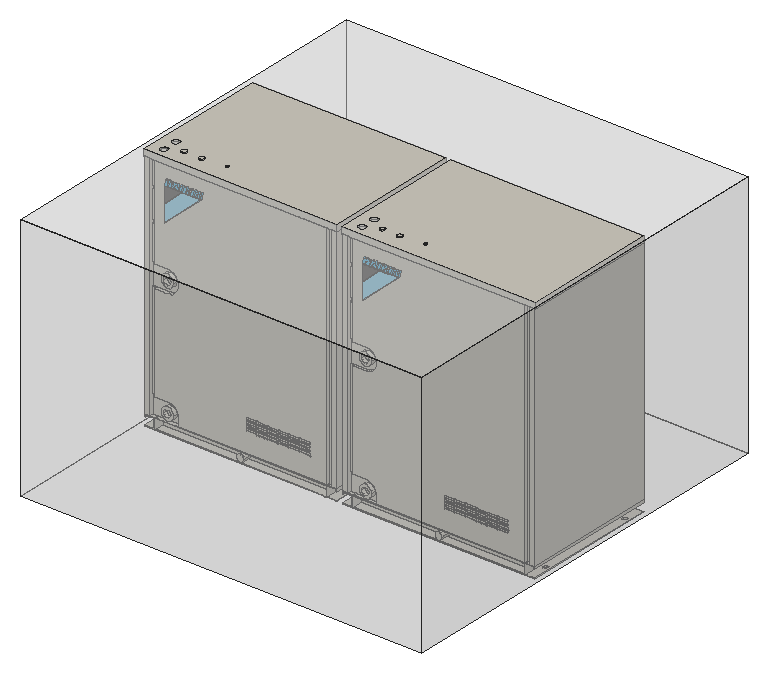
Revit family "outputfile", category 機械設備, Revit 2024
Family settings
  丸型コネクタ寸法 = 半径を使用
  種別 = なし
  パーツ タイプ = 標準
  OmniClass 番号 = 23.75.10.24.21.27.27
  OmniClass タイトル = Split System Air Conditioning Units
  作業面ベース = いいえ
  常に垂直 = はい
  ロード時にボイドで切り取り = いいえ
  注釈の向きを維持 = いいえ
  共有 = いいえ
  部屋計算ポイント = いいえ
Parameters (values of type "RWEYQ16TYM")
  製造元 = "Daikin"
  書き出し IFC クラス(タイプ) = "IfcUnitaryEquipmentType"
  定義済み IFC タイプ(タイプ) = "AIRCONDITIONINGUNIT"
  モデル = "RWEYQ16TYM"
  w_unit2 = 780.0 mm
  w_unit1 = 780.0 mm
  switch_unit2_6-8 [instance] = if(Reverse_ModuleSequence, if(default_unit1 = 1, 1 = 1, 1 = 0), if(default_unit2 = 1, 1 = 1, 1 = 0))  # yes
  switch_unit2_12 [instance] = if(Reverse_ModuleSequence, if(default_unit1 = 3, 1 = 1, 1 = 0), if(default_unit2 = 3, 1 = 1, 1 = 0))  # no
  switch_unit2_10 [instance] = if(Reverse_ModuleSequence, if(default_unit1 = 2, 1 = 1, 1 = 0), if(default_unit2 = 2, 1 = 1, 1 = 0))  # no
  switch_unit1_6-8 [instance] = if(Reverse_ModuleSequence, if(default_unit2 = 1, 1 = 1, 1 = 0), if(default_unit1 = 1, 1 = 1, 1 = 0))  # yes
  switch_unit1_12 [instance] = if(Reverse_ModuleSequence, if(default_unit2 = 3, 1 = 1, 1 = 0), if(default_unit1 = 3, 1 = 1, 1 = 0))  # no
  switch_unit1_10 [instance] = if(Reverse_ModuleSequence, if(default_unit2 = 2, 1 = 1, 1 = 0), if(default_unit1 = 2, 1 = 1, 1 = 0))  # no
  r_Water Outlet Pipe Connection_unit2 [instance] = Water Outlet Pipe Connection_Unit2 / 2  # 15.9 mm
  r_Water Outlet Pipe Connection_unit1 [instance] = Water Outlet Pipe Connection_Unit1 / 2  # 15.9 mm
  r_Water Inlet Pipe Connection_unit2 [instance] = Water Inlet Pipe Connection_Unit2 / 2  # 15.9 mm
  r_Water Inlet Pipe Connection_unit1 [instance] = Water Inlet Pipe Connection_Unit1 / 2  # 15.9 mm
  r_Liquid Pipe Size_unit2 [instance] = Liquid Pipe Size_Unit 2 / 2  # 4.75 mm
  r_HP/LP Gas Pipe Size_unit2 [instance] = [HP/LP Gas Pipe Size_Unit 2] / 2  # 9.55 mm
  r_HP/LP Gas Pipe Size_unit1 [instance] = [HP/LP Gas Pipe Size_Unit 1] / 2  # 9.55 mm
  r_Gas Pipe Size_unit2 [instance] = Gas Pipe Size_Unit 2 / 2  # 9.55 mm
  r_Drain Pipe Size = Drain Pipe Size / 2  # 6.35 mm
  lw_powersupply2 = 51.0 mm
  lw_liquidpipe2 = 274.0 mm
  lw_gaspipe2 [instance] = if(Heat Pump, 107.0 mm, 178.0 mm)  # 107.0 mm
  lw_Water Outlet2 = 95.0 mm
  lw_Water Outlet1 = 95.0 mm
  lw_Water Inlet2 = 95.0 mm
  lw_Water Inlet1 = 95.0 mm
  lw_HP/LP Gas Pipe2 [instance] = if(Heat Pump, 178.0 mm, 107.0 mm)  # 178.0 mm
  lw_HP/LP Gas Pipe1 [instance] = if(Heat Pump, 178.0 mm, 107.0 mm)  # 178.0 mm
  lw_Drain2 = 390.0 mm
  lw_Drain1 = 390.0 mm
  ld_HP/LP Gas Pipe = 69.0 mm
  h_mountinghole = [h_***] + 2.3 mm  # 2.3 mm
  r_Liquid Pipe Size_unit1 [instance] = Liquid Pipe Size_Unit 1 / 2  # 4.75 mm
  r_Gas Pipe Size_unit1 [instance] = Gas Pipe Size_Unit 1 / 2  # 9.55 mm
  distance_unit1-2 [instance] = 20.0 mm
  default_unit2 = 1
  default_unit1 = 1
  default_Water Outlet Pipe Connection_Unit 2 = 31.8 mm
  default_Water Outlet Pipe Connection_Unit 1 = 31.8 mm
  default_Water Inlet Pipe Connection_Unit 2 = 31.8 mm
  default_Water Inlet Pipe Connection_Unit 1 = 31.8 mm
  default_Model_Unit 2 = "RWEYQ8TYM"
  default_Model_Unit 1 = "RWEYQ8TYM"
  default_Liquid Pipe Size_Unit 2 = 9.5 mm
  default_Liquid Pipe Size_Unit 1 = 9.5 mm
  default_HP/LP Gas Pipe Size_Unit 2 [instance] = if(and(Heat Pump, [switch_unit2_6-8]), 19.1 mm, if(and(Heat Pump, switch_unit2_10), 22.2 mm, if(and(Heat Pump, switch_unit2_12), 22.2 mm, if(and(Heat Recovery, [switch_unit2_6-8]), 15.9 mm, if(and(Heat Recovery, switch_unit2_10), 19.1 mm, if(and(Heat Recovery, switch_unit2_12), 19.1 mm, 19.1 mm))))))  # 19.1 mm
  default_HP/LP Gas Pipe Size_Unit 1 [instance] = if(and(Heat Pump, [switch_unit1_6-8]), 19.1 mm, if(and(Heat Pump, switch_unit1_10), 22.2 mm, if(and(Heat Pump, switch_unit1_12), 22.2 mm, if(and(Heat Recovery, [switch_unit1_6-8]), 15.9 mm, if(and(Heat Recovery, switch_unit1_10), 19.1 mm, if(and(Heat Recovery, switch_unit1_12), 19.1 mm, 19.1 mm))))))  # 19.1 mm
  default_Gas Pipe Size_Unit 2 = 19.1 mm
  default_Gas Pipe Size_Unit 1 = 19.1 mm
  angle_Drain [instance] = if(Rear Connection_Drain, 180.00°, 0.00°)  # 0.00°
  Water Outlet Pipe Connection_Unit2 [instance] = if(Reverse_ModuleSequence, default_Water Inlet Pipe Connection_Unit 1, default_Water Inlet Pipe Connection_Unit 2)  # 31.8 mm
  Water Outlet Pipe Connection_Unit1 [instance] = if(Reverse_ModuleSequence, default_Water Outlet Pipe Connection_Unit 2, default_Water Outlet Pipe Connection_Unit 1)  # 31.8 mm
  Water Inlet Pipe Connection_Unit2 [instance] = if(Reverse_ModuleSequence, default_Water Outlet Pipe Connection_Unit 1, default_Water Outlet Pipe Connection_Unit 2)  # 31.8 mm
  Water Inlet Pipe Connection_Unit1 [instance] = if(Reverse_ModuleSequence, default_Water Inlet Pipe Connection_Unit 2, default_Water Inlet Pipe Connection_Unit 1)  # 31.8 mm
  Voltage_comment_60Hz = "380"
  Voltage_comment_50Hz = "380-415"
  Voltage_60Hz = 380 V
  Voltage_50Hz = 400 V
  Top Connection_powersupply2 [instance] = not(Top Connection_powersupply1)  # no
  Sound Power Level (dB) = 73
  Reverse_ModuleSequence [instance] = no
  Rear Connection_Drain [instance] = not(Front Connection_Drain)  # no
  Power Input (Heating) = 7.960 kW
  Phase_60Hz = 3
  Phase_50Hz = 3
  Nominal Heating Capacity = 50.000 kW
  Model_Unit 2 [instance] = if(Reverse_ModuleSequence, default_Model_Unit 1, default_Model_Unit 2)  # "RWEYQ8TYM"
  Model_Unit 1 [instance] = if(Reverse_ModuleSequence, default_Model_Unit 2, default_Model_Unit 1)  # "RWEYQ8TYM"
  Minimum Circuit Amps_60Hz = 27.3 A
  Minimum Circuit Amps_50Hz = 27.3 A
  Maximum Fuse Amps_60Hz = 35.0 A
  Maximum Fuse Amps_50Hz = 35.0 A
  Material_Heat Exchanger = DAIKIN_Blue_HE_outdoorunit
  Material_Casing = DAIKIN_IvoryWhite_Casing_outdoorunit
  lw_powersupply1 = 51.0 mm
  lw_liquidpipe1 = 274.0 mm
  lw_gaspipe1 [instance] = if(Heat Pump, 107.0 mm, 178.0 mm)  # 107.0 mm
  lh_powersupply = 940.0 mm
  ld_powersupply [instance] = if(Top Connection_powersupply1, 38.0 mm, 98.0 mm)  # 38.0 mm
  ld_liquidpipe = 79.0 mm
  ld_gaspipe = 69.0 mm
  h_*** = 0.0 mm
  Width [instance] = [distance_unit1-2] + w_unit1 + w_unit2  # 1580.0 mm
  Version = "ver.1.0"
  Unit Type = ""
  Unit Mass Weight = 292.00 kg
  Unit Designation [instance] = ""
  Uniclass2015Version = "Products v1.30"
  Uniclass2015Title = "Variable refrigerant flow units"
  Uniclass2015Code = "Pr_70_65_03_94"
  Total Cooling Capacity [instance] = 0.000 kW
  Sound Pressure Level (dBA) = 53
  Series = "VRV Heat Recovery"
  Refrigerant_Base Charge = 7.000 kg
  Refrigerant_Additional Charge [instance] = 0.000 kg
  Refrigerant Type = "R410A"
  Power Input (Cooling) = 7.720 kW
  Option Accessory 3 [instance] = ""
  Option Accessory 2 [instance] = ""
  Option Accessory 1 [instance] = ""
  Nominal Cooling Capacity = 44.800 kW
  Load Classification = HVAC
  Liquid Pipe Size_Unit 2 [instance] = if(Reverse_ModuleSequence, default_Liquid Pipe Size_Unit 1, default_Liquid Pipe Size_Unit 2)  # 9.5 mm
  Liquid Pipe Size_Unit 1 [instance] = if(Reverse_ModuleSequence, default_Liquid Pipe Size_Unit 2, default_Liquid Pipe Size_Unit 1)  # 9.5 mm
  Link_Nested Family [instance] = ""
  IfcVersion = ""
  IfcExportType = "AIRCONDITIONINGUNIT"
  IfcExportAs = "IfcUnitaryEquipmentType"
  Height = 1000.0 mm
  Heat Recovery [instance] = not(Heat Pump)  # no
  Heat Pump [instance] = yes
  Heat Exchanger Type = "Stainless Steel Plate"
  HP/LP Gas Pipe Size_Unit 2 [instance] = [default_HP/LP Gas Pipe Size_Unit 2]  # 19.1 mm
  HP/LP Gas Pipe Size_Unit 1 [instance] = [default_HP/LP Gas Pipe Size_Unit 1]  # 19.1 mm
  Gas Pipe Size_Unit 2 [instance] = if(Reverse_ModuleSequence, default_Gas Pipe Size_Unit 1, default_Gas Pipe Size_Unit 2)  # 19.1 mm
  Gas Pipe Size_Unit 1 [instance] = if(Reverse_ModuleSequence, default_Gas Pipe Size_Unit 2, default_Gas Pipe Size_Unit 1)  # 19.1 mm
  Top Connection_powersupply1 [instance] = yes
  Front Connection_Drain [instance] = yes
  Frequency_60Hz = 60 Hz
  Frequency_50Hz = 50 Hz
  Drain Pipe Size = 12.7 mm
  Depth = 550.0 mm
  既定の高さ = 0.0 mm
  Cooling Ambient Wet Bulb Temperature [instance] = 0.00 °C
  Cooling Ambient Dry Bulb Temperature [instance] = 0.00 °C
  Compressor Type = "Hermetically Sealed Scroll Type"
  Clearance visibility [instance] = yes
  Clearance Top = 0.0 mm
  Clearance Right = 20.0 mm
  Clearance Rear = 500.0 mm
  Clearance Left = 20.0 mm
  Clearance Front = 600.0 mm
  Clearance Bottom = 0.0 mm
  CU Tag No. [instance] = ""
Reference planes
  plane 1 "Center (Front/Back)": y = 0
  plane 2 "h_***": z = 0
  plane 3 "Center (Left/Right)": x = 0
  plane 4 "Back": y = 275
  plane 5 "Front": y = -275
  plane 6 "Left": x = -390
  plane 7 "w_unit1": x = 390
  plane 8 "Top": z = 1000
  plane 9 "Clearance Rear": y = 775
  plane 10 "Clearance Front": y = -875
  plane 11 "Clearance Left": x = -410
  plane 12 "Clearance Right": x = 1210
  plane 13 "Clearance Top": z = 1000
  plane 14 "Clearance Bottom": z = 0
  plane 15 "Bottom": z = 0
  plane 16 "lw_powersupply1": x = -339
  plane 17 "ld_powersupply": y = -237
  plane 18 "lw_liquidpipe1": x = -116
  plane 19 "Rear Connection_refrigetant": y = -196
  plane 20 "lw_gaspipe1": x = -283
  plane 21 "ld_gaspipe": y = -206
  plane 22 "lh_logo": z = 900
  plane 23 "lw_logo": x = 100
  plane 24 "lh_powersupply": z = 940
  plane 25 "lw_HP/LP Gas Pipe1": x = -212
  plane 26 "ld_HP/LP Gas Pipe": y = -206
  plane 27 "l_unit2": x = 410
  plane 28 "Right": x = 1190
  plane 29 "lw_powersupply2": x = 461
  plane 30 "lw_liquidpipe2": x = 684
  plane 31 "lw_gaspipe2": x = 517
  plane 32 "lw_HP/LP Gas Pipe2": x = 588
  plane 33 "lw_Water Inlet1": x = -295
  plane 34 "lw_Water Outlet1": x = -295
  plane 35 "lw_Drain1": x = 0
  plane 36 "lw_Water Inlet2": x = 505
  plane 37 "lw_Water Outlet2": x = 505
  plane 38 "lw_Drain2": x = 800
Dimensions and locks
  equal spacing: plane 4 "Back", plane 1 "Center (Front/Back)", plane 5 "Front"
  "Depth": plane 4 "Back" to plane 5 "Front"
  equal spacing: plane 6 "Left", plane 3 "Center (Left/Right)", plane 7 "w_unit1"
  "w_unit1": plane 6 "Left" to plane 7 "w_unit1"
  "Clearance Rear": plane 9 "Clearance Rear" to plane 4 "Back"
  "Clearance Front": plane 10 "Clearance Front" to plane 5 "Front"
  "Clearance Left": plane 11 "Clearance Left" to plane 6 "Left"
  "Clearance Top": plane 13 "Clearance Top" to plane 8 "Top"
  "h_***": plane 15 "Bottom" to plane 2 "h_***"
  "Height": plane 8 "Top" to plane 15 "Bottom"
  "Clearance Bottom": plane 15 "Bottom" to plane 14 "Clearance Bottom"
  "ld_powersupply": plane 17 "ld_powersupply" to plane 5 "Front"
  "ld_liquidpipe": plane 19 "Rear Connection_refrigetant" to plane 5 "Front"
  "ld_gaspipe": plane 21 "ld_gaspipe" to plane 5 "Front"
  locked: plane 23 "lw_logo" to plane 7 "w_unit1" at 290
  locked: plane 22 "lh_logo" to plane 15 "Bottom" at 900
  "lw_gaspipe1": plane 6 "Left" to plane 20 "lw_gaspipe1"
  "lw_liquidpipe1": plane 6 "Left" to plane 18 "lw_liquidpipe1"
  "lw_powersupply1": plane 6 "Left" to plane 16 "lw_powersupply1"
  "lh_powersupply": plane 24 "lh_powersupply" to plane 15 "Bottom"
  "lw_HP/LP Gas Pipe1": plane 6 "Left" to plane 25 "lw_HP/LP Gas Pipe1"
  "ld_HP/LP Gas Pipe": plane 26 "ld_HP/LP Gas Pipe" to plane 5 "Front"
  "distance_unit1-2": plane 7 "w_unit1" to plane 27 "l_unit2"
  "Clearance Right": plane 28 "Right" to plane 12 "Clearance Right"
  "Width": plane 6 "Left" to plane 28 "Right"
  "lw_powersupply2": plane 27 "l_unit2" to plane 29 "lw_powersupply2"
  "lw_HP/LP Gas Pipe2": plane 27 "l_unit2" to plane 32 "lw_HP/LP Gas Pipe2"
  "lw_gaspipe2": plane 27 "l_unit2" to plane 31 "lw_gaspipe2"
  "lw_liquidpipe2": plane 27 "l_unit2" to plane 30 "lw_liquidpipe2"
  "lw_Water Inlet1": plane 6 "Left" to plane 33 "lw_Water Inlet1"
  "lw_Water Outlet1": plane 6 "Left" to plane 34 "lw_Water Outlet1"
  "lw_Drain1": plane 6 "Left" to plane 35 "lw_Drain1"
  "lw_Water Inlet2": plane 27 "l_unit2" to plane 36 "lw_Water Inlet2"
  "lw_Water Outlet2": plane 27 "l_unit2" to plane 37 "lw_Water Outlet2"
  "lw_Drain2": plane 27 "l_unit2" to plane 38 "lw_Drain2"
  aligned and locked: level to plane 2 "h_***"
  aligned and locked: plane 9 "Clearance Rear" to nested 2
  aligned and locked: nested 2 to plane 10 "Clearance Front"
  aligned and locked: plane 11 "Clearance Left" to nested 2
  aligned and locked: plane 12 "Clearance Right" to nested 2
  aligned and locked: plane 13 "Clearance Top" to nested 2
  aligned and locked: plane 14 "Clearance Bottom" to nested 2
  aligned and locked: plane 8 "Top" to nested 1
  aligned and locked: plane 22 "lh_logo" to nested 7
  aligned and locked: nested 8 to plane 16 "lw_powersupply1"
  aligned and locked: nested 9 to plane 20 "lw_gaspipe1"
  aligned and locked: nested 10 to plane 18 "lw_liquidpipe1"
  aligned and locked: nested 10 to plane 19 "Rear Connection_refrigetant"
  aligned and locked: nested 9 to plane 21 "ld_gaspipe"
  aligned and locked: nested 8 to plane 17 "ld_powersupply"
  aligned and locked: plane 5 "Front" to nested 7
  aligned and locked: plane 24 "lh_powersupply" to nested 8
  aligned and locked: plane 27 "l_unit2" to nested 11
  aligned and locked: nested 17 to plane 29 "lw_powersupply2"
  aligned and locked: nested 17 to plane 17 "ld_powersupply"
  aligned and locked: nested 18 to plane 31 "lw_gaspipe2"
  aligned and locked: nested 18 to plane 26 "ld_HP/LP Gas Pipe"
  aligned and locked: plane 1 "Center (Front/Back)" to nested 20
  aligned and locked: plane 33 "lw_Water Inlet1" to nested 20
  aligned and locked: plane 1 "Center (Front/Back)" to nested 21
  aligned and locked: plane 34 "lw_Water Outlet1" to nested 21
  aligned and locked: plane 1 "Center (Front/Back)" to nested 22
  aligned and locked: plane 35 "lw_Drain1" to nested 22
  aligned and locked: plane 1 "Center (Front/Back)" to nested 23
  aligned and locked: plane 36 "lw_Water Inlet2" to nested 23
  aligned and locked: plane 1 "Center (Front/Back)" to nested 24
  aligned and locked: plane 37 "lw_Water Outlet2" to nested 24
  aligned and locked: plane 1 "Center (Front/Back)" to nested 25
  aligned and locked: plane 38 "lw_Drain2" to nested 25
  aligned and locked: plane 25 "lw_HP/LP Gas Pipe1" to nested 26
  aligned and locked: plane 32 "lw_HP/LP Gas Pipe2" to nested 27
  aligned and locked: nested 26 to plane 26 "ld_HP/LP Gas Pipe"
  aligned and locked: nested 27 to plane 26 "ld_HP/LP Gas Pipe"
Nested families
  nested 1: "DAIKIN_outdoorunit_RWEYQ-TYM" at (-31, 0, 0), h_*** <- "h_***", Link_Nest <- "Link_Nested Family", h_mountinghole <- "h_mountinghole", Width <- "w_unit1", switch_unit1_6-8 <- "switch_unit1_6-8", switch_unit1_10 <- "switch_unit1_10", switch_unit1_12 <- "switch_unit1_12", type "RWEYQ-TYM"
    with switch_unit1_6-8 yes, switch_unit1_12 no, switch_unit1_10 no, show_fixedhole yes, h_mountinghole 2.3 mm, h_antenna_mountinghole 998.7 mm, h_*** 0.0 mm, array_bolt 5, Width 780.0 mm, Liquid Pipe Size_Unit 1 9.5 mm, Link_Nest "", HP/LP Pipe Size_Unit 1 19.1 mm, Gas Pipe Size_Unit 1 19.1 mm
  nested 2: "daikin_clearancespace" at (400, -50, 500.119), visible <- "Clearance visibility", show <- "Clearance visibility", Link_Nested Family <- "Link_Nested Family", type "daikin_clearancespace"
    with width 1620.0 mm, show yes, height 1000.0 mm, depth 1650.0 mm, Link_Nested Family ""
  nested 3: "daikin_mountinghole" at (-372, 200, 0), type "daikin_mountinghole"
    with show yes, l_antenna 998.7 mm, h_mountinghole 2.3 mm, Link_Nested Family ""
  nested 4: "daikin_mountinghole" at (372, 200, 0), type "daikin_mountinghole"
    with show yes, l_antenna 998.7 mm, h_mountinghole 2.3 mm, Link_Nested Family ""
  nested 5: "daikin_mountinghole" at (-372, -200, 0), type "daikin_mountinghole"
    with show yes, l_antenna 998.7 mm, h_mountinghole 2.3 mm, Link_Nested Family ""
  nested 6: "daikin_mountinghole" at (372, -200, 0), type "daikin_mountinghole"
    with show yes, l_antenna 998.7 mm, h_mountinghole 2.3 mm, Link_Nested Family ""
  nested 7: "daikin_logo_elevation_w150" at (-212.5, -275, 744.568), type "daikin_logo_elevation_w150"
    with show_logo yes
  nested 8: "daikin_connector_rotate3" at (-339, -237, 940) x (-1, 0, 0) z (0, 0, -1), type "daikin_connector_rotate3"
    with show no, radius 10.0 mm, length 60.0 mm, angle_vertical 0.00°, angle_horizontal 0.00°
  nested 9: "daikin_connector_rotate3" at (-283, -206, 940) x (-1, 0, 0) z (0, 0, -1), radius <- "r_Gas Pipe Size_unit1", type "daikin_connector_rotate3"
    with show no, radius 9.55 mm, length 60.0 mm, angle_vertical 0.00°, angle_horizontal 0.00°
  nested 10: "daikin_connector_rotate3" at (-116, -196, 940) x (-1, 0, 0) z (0, 0, -1), radius <- "r_Liquid Pipe Size_unit1", type "daikin_connector_rotate3"
    with show no, radius 4.75 mm, length 60.0 mm, angle_vertical 0.00°, angle_horizontal 0.00°
  nested 11: "DAIKIN_outdoorunit_RWEYQ-TYM" at (769, 0, 0), Width <- "w_unit2", switch_unit1_6-8 <- "switch_unit2_6-8", switch_unit1_10 <- "switch_unit2_10", switch_unit1_12 <- "switch_unit2_12", type "RWEYQ-TYM"
    with switch_unit1_6-8 yes, switch_unit1_12 no, switch_unit1_10 no, show_fixedhole yes, h_mountinghole 2.3 mm, h_antenna_mountinghole 998.7 mm, h_*** 0.0 mm, array_bolt 5, Width 780.0 mm, Liquid Pipe Size_Unit 1 9.5 mm, Link_Nest "", HP/LP Pipe Size_Unit 1 19.1 mm, Gas Pipe Size_Unit 1 19.1 mm
  nested 12: "daikin_mountinghole" at (428, 200, 0), type "daikin_mountinghole"
    with show yes, l_antenna 998.7 mm, h_mountinghole 2.3 mm, Link_Nested Family ""
  nested 13: "daikin_mountinghole" at (1172, 200, 0), type "daikin_mountinghole"
    with show yes, l_antenna 998.7 mm, h_mountinghole 2.3 mm, Link_Nested Family ""
  nested 14: "daikin_mountinghole" at (428, -200, 0), type "daikin_mountinghole"
    with show yes, l_antenna 998.7 mm, h_mountinghole 2.3 mm, Link_Nested Family ""
  nested 15: "daikin_mountinghole" at (1172, -200, 0), type "daikin_mountinghole"
    with show yes, l_antenna 998.7 mm, h_mountinghole 2.3 mm, Link_Nested Family ""
  nested 16: "daikin_connector_rotate3" at (684, -196, 940) x (-1, 0, 0) z (0, 0, -1), radius <- "r_Liquid Pipe Size_unit2", type "daikin_connector_rotate3"
    with show no, radius 4.75 mm, length 60.0 mm, angle_vertical 0.00°, angle_horizontal 0.00°
  nested 17: "daikin_connector_rotate3" at (461, -237, 940) x (-1, 0, 0) z (0, 0, -1), type "daikin_connector_rotate3"
    with show no, radius 10.0 mm, length 60.0 mm, angle_vertical 0.00°, angle_horizontal 0.00°
  nested 18: "daikin_connector_rotate3" at (517, -206, 940) x (-1, 0, 0) z (0, 0, -1), radius <- "r_Gas Pipe Size_unit2", type "daikin_connector_rotate3"
    with show no, radius 9.55 mm, length 60.0 mm, angle_vertical 0.00°, angle_horizontal 0.00°
  nested 19: "daikin_logo_elevation_w150" at (587.5, -275, 744.568), type "daikin_logo_elevation_w150"
    with show_logo yes
  nested 20: "daikin_connector_rotate3" at (-295, 0, 76), radius <- "r_Water Inlet Pipe Connection_unit1", type "daikin_connector_rotate3"
    with show no, radius 15.9 mm, length 275.0 mm, angle_vertical 90.00°, angle_horizontal 0.00°
  nested 21: "daikin_connector_rotate3" at (-295, 0, 556), radius <- "r_Water Outlet Pipe Connection_unit1", type "daikin_connector_rotate3"
    with show no, radius 15.9 mm, length 275.0 mm, angle_vertical 90.00°, angle_horizontal 0.00°
  nested 22: "daikin_connector_rotate3" at (0, 0, 19), angle_horizontal <- "angle_Drain", radius <- "r_Drain Pipe Size", type "daikin_connector_rotate3"
    with show no, radius 6.35 mm, length 275.0 mm, angle_vertical 90.00°, angle_horizontal 0.00°
  nested 23: "daikin_connector_rotate3" at (505, 0, 76), radius <- "r_Water Inlet Pipe Connection_unit2", type "daikin_connector_rotate3"
    with show no, radius 15.9 mm, length 275.0 mm, angle_vertical 90.00°, angle_horizontal 0.00°
  nested 24: "daikin_connector_rotate3" at (505, 0, 556), radius <- "r_Water Outlet Pipe Connection_unit2", type "daikin_connector_rotate3"
    with show no, radius 15.9 mm, length 275.0 mm, angle_vertical 90.00°, angle_horizontal 0.00°
  nested 25: "daikin_connector_rotate3" at (800, 0, 19), angle_horizontal <- "angle_Drain", radius <- "r_Drain Pipe Size", type "daikin_connector_rotate3"
    with show no, radius 6.35 mm, length 275.0 mm, angle_vertical 90.00°, angle_horizontal 0.00°
  nested 26: "daikin_connector_rotate3" at (-212, -206, 940) x (1, 0, 0) z (0, 0, -1), radius <- "r_HP/LP Gas Pipe Size_unit1", type "daikin_connector_rotate3"
    with show no, radius 9.55 mm, length 60.0 mm, angle_vertical 0.00°, angle_horizontal 0.00°
  nested 27: "daikin_connector_rotate3" at (588, -206, 940) x (1, 0, 0) z (0, 0, -1), radius <- "r_HP/LP Gas Pipe Size_unit2", type "daikin_connector_rotate3"
    with show no, radius 9.55 mm, length 60.0 mm, angle_vertical 0.00°, angle_horizontal 0.00°
Connectors
  piping at (-116, -196, 1000), diameter 9.5, driven by "r_Liquid Pipe Size_unit1"
    settings: on nested 10, index 12, connector inside diameter 609.6 mm, connector length 0.0 mm, flow factor 0, pipe flow 0.00 m³/h, pressure drop 0.0 Pa, fitting loss kfactor 0, connector angle 0.00°, fixture units 0, engagement length 0.0 mm, angle of deflection 0.00°, flow configuration 0, flow direction 2, fitting loss method 0, system type 29, joint type 0, gender type 0, connector reference index -1, connector utility 0, adjustable connector no, is connector primary no, connector description "Refrigerant Liquid Piping1"
  electrical at (-339, -237, 1000), driven by "Load Classification"
    settings: on nested 8, index 13, voltage 0 V, apparent load 0 VA, apparent load phase1 0 VA, apparent load phase2 0 VA, apparent load phase3 0 VA, power factor 1, load classification "HVAC", number of poles 1, system type 30, power factor state 1, is connector primary yes, connector utility no, sub classification motor no, connector description "Power Supply1"
  piping at (684, -196, 1000), diameter 9.5, driven by "r_Liquid Pipe Size_unit2"
    settings: on nested 16, index 15, connector inside diameter 609.6 mm, connector length 0.0 mm, flow factor 0, pipe flow 0.00 m³/h, pressure drop 0.0 Pa, fitting loss kfactor 0, connector angle 0.00°, fixture units 0, engagement length 0.0 mm, angle of deflection 0.00°, flow configuration 0, flow direction 2, fitting loss method 0, system type 29, joint type 0, gender type 0, connector reference index -1, connector utility 0, adjustable connector no, is connector primary no, connector description "Refrigerant Liquid Piping2"
  electrical at (461, -237, 1000), driven by "Load Classification"
    settings: on nested 17, index 17, voltage 0 V, apparent load 0 VA, apparent load phase1 0 VA, apparent load phase2 0 VA, apparent load phase3 0 VA, power factor 1, load classification "HVAC", number of poles 1, system type 30, power factor state 1, is connector primary no, connector utility no, sub classification motor no, connector description "Power Supply2"
  piping at (-295, -275, 556), diameter 31.8, driven by "r_Water Outlet Pipe Connection_unit1"
    settings: on nested 21, index 19, connector inside diameter 609.6 mm, connector length 0.0 mm, flow factor 0, pipe flow 0.00 m³/h, pressure drop 0.0 Pa, fitting loss kfactor 0, connector angle 0.00°, fixture units 0, engagement length 0.0 mm, angle of deflection 0.00°, flow configuration 1, flow direction 2, fitting loss method 0, system type 8, joint type 0, gender type 0, connector reference index -1, connector utility 0, adjustable connector no, is connector primary no, connector description "Cooling Water Outlet Piping 1"
  piping at (-295, -275, 76), diameter 31.8, driven by "r_Water Inlet Pipe Connection_unit1"
    settings: on nested 20, index 20, connector inside diameter 609.6 mm, connector length 0.0 mm, flow factor 0, pipe flow 0.00 m³/h, pressure drop 0.0 Pa, fitting loss kfactor 0, connector angle 0.00°, fixture units 0, engagement length 0.0 mm, angle of deflection 0.00°, flow configuration 1, flow direction 1, fitting loss method 0, system type 7, joint type 0, gender type 0, connector reference index -1, connector utility 0, adjustable connector no, is connector primary no, connector description "Cooling Water Inlet  Piping 1"
  piping at (0, -275, 19), diameter 12.7, driven by "r_Drain Pipe Size"
    settings: on nested 22, index 21, connector inside diameter 609.6 mm, connector length 0.0 mm, flow factor 0, pipe flow 0.00 m³/h, pressure drop 0.0 Pa, fitting loss kfactor 0, connector angle 0.00°, fixture units 0, engagement length 0.0 mm, angle of deflection 0.00°, flow configuration 1, flow direction 2, fitting loss method 4, system type 16, joint type 0, gender type 0, connector reference index -1, connector utility 0, adjustable connector no, is connector primary no, connector description "Condensate Drain Piping 1"
  piping at (505, -275, 556), diameter 31.8, driven by "r_Water Outlet Pipe Connection_unit2"
    settings: on nested 24, index 22, connector inside diameter 609.6 mm, connector length 0.0 mm, flow factor 0, pipe flow 0.00 m³/h, pressure drop 0.0 Pa, fitting loss kfactor 0, connector angle 0.00°, fixture units 0, engagement length 0.0 mm, angle of deflection 0.00°, flow configuration 1, flow direction 2, fitting loss method 0, system type 8, joint type 0, gender type 0, connector reference index -1, connector utility 0, adjustable connector no, is connector primary no, connector description "Cooling Water Outlet Piping 2"
  piping at (505, -275, 76), diameter 31.8, driven by "r_Water Inlet Pipe Connection_unit2"
    settings: on nested 23, index 23, connector inside diameter 609.6 mm, connector length 0.0 mm, flow factor 0, pipe flow 0.00 m³/h, pressure drop 0.0 Pa, fitting loss kfactor 0, connector angle 0.00°, fixture units 0, engagement length 0.0 mm, angle of deflection 0.00°, flow configuration 1, flow direction 1, fitting loss method 0, system type 7, joint type 0, gender type 0, connector reference index -1, connector utility 0, adjustable connector no, is connector primary no, connector description "Cooling Water Inlet  Piping 2"
  piping at (800, -275, 19), diameter 12.7, driven by "r_Drain Pipe Size"
    settings: on nested 25, index 24, connector inside diameter 609.6 mm, connector length 0.0 mm, flow factor 0, pipe flow 0.00 m³/h, pressure drop 0.0 Pa, fitting loss kfactor 0, connector angle 0.00°, fixture units 0, engagement length 0.0 mm, angle of deflection 0.00°, flow configuration 1, flow direction 2, fitting loss method 4, system type 16, joint type 0, gender type 0, connector reference index -1, connector utility 0, adjustable connector no, is connector primary no, connector description "Condensate Drain Piping 2"
  piping at (-212, -206, 1000), diameter 19.1, driven by "r_HP/LP Gas Pipe Size_unit1"
    settings: on nested 26, index 27, connector inside diameter 609.6 mm, connector length 0.0 mm, flow factor 0, pipe flow 0.00 m³/h, pressure drop 0.0 Pa, fitting loss kfactor 0, connector angle 0.00°, fixture units 0, engagement length 0.0 mm, angle of deflection 0.00°, flow configuration 0, flow direction 0, fitting loss method 0, system type 29, joint type 0, gender type 0, connector reference index -1, connector utility 0, adjustable connector no, is connector primary no, connector description "Refrigerant HP/LP Gas Piping1"
  piping at (588, -206, 1000), diameter 19.1, driven by "r_HP/LP Gas Pipe Size_unit2"
    settings: on nested 27, index 28, connector inside diameter 609.6 mm, connector length 0.0 mm, flow factor 0, pipe flow 0.00 m³/h, pressure drop 0.0 Pa, fitting loss kfactor 0, connector angle 0.00°, fixture units 0, engagement length 0.0 mm, angle of deflection 0.00°, flow configuration 0, flow direction 0, fitting loss method 0, system type 29, joint type 0, gender type 0, connector reference index -1, connector utility 0, adjustable connector no, is connector primary no, connector description "Refrigerant HP/LP Gas Piping2"
  piping at (-283, -206, 1000), diameter 19.1, driven by "r_Gas Pipe Size_unit1"
    settings: on nested 9, index 29, connector inside diameter 609.6 mm, connector length 0.0 mm, flow factor 0, pipe flow 0.00 m³/h, pressure drop 0.0 Pa, fitting loss kfactor 0, connector angle 0.00°, fixture units 0, engagement length 0.0 mm, angle of deflection 0.00°, flow configuration 0, flow direction 1, fitting loss method 0, system type 29, joint type 0, gender type 0, connector reference index -1, connector utility 0, adjustable connector no, is connector primary yes, connector description "Refrigerant Gas Piping1"
  piping at (517, -206, 1000), diameter 19.1, driven by "r_Gas Pipe Size_unit2"
    settings: on nested 18, index 30, connector inside diameter 609.6 mm, connector length 0.0 mm, flow factor 0, pipe flow 0.00 m³/h, pressure drop 0.0 Pa, fitting loss kfactor 0, connector angle 0.00°, fixture units 0, engagement length 0.0 mm, angle of deflection 0.00°, flow configuration 0, flow direction 1, fitting loss method 0, system type 29, joint type 0, gender type 0, connector reference index -1, connector utility 0, adjustable connector no, is connector primary no, connector description "Refrigerant Gas Piping2"
Definition of nested family "DAIKIN_outdoorunit_RWEYQ-TYM"
  Parameters (values of type "RWEYQ-TYM")
    w_wiremesh_right = 668.0 mm  # constant formula
    w_wiremesh_left = 590.0 mm  # constant formula
    w_wiremesh_front = 248.0 mm  # constant formula
    switch_unit1_6-8 [instance] = no
    switch_unit1_12 [instance] = yes
    switch_unit1_10 [instance] = no
    show_fixedhole [instance] = yes
    material_heatexchanger = none
    material_casing = none
    ld_hole1_bottom = 154.0 mm  # constant formula
    h_wiremesh = 900.0 mm  # constant formula
    h_mountinghole [instance] = 2.3 mm
    h_antenna_mountinghole [instance] = Height + 1.0 mm - 2.3 mm  # 998.7 mm
    h_*** [instance] = 0.0 mm
    array_bolt [instance] = 5
    Width [instance] = 780.0 mm
    Liquid Pipe Size_Unit 1 [instance] = if([switch_unit1_6-8], 9.5 mm, if(switch_unit1_10, 9.5 mm, if(switch_unit1_12, 12.7 mm, 9.5 mm)))  # 12.7 mm
    Link_Nest [instance] = ""
    Height = 1000.0 mm
    Heat Recovery = not(Heat Pump)  # no
    Heat Pump = yes
    HP/LP Pipe Size_Unit 1_L = if(Heat Pump, 178.0 mm, 107.0 mm)  # 178.0 mm
    HP/LP Pipe Size_Unit 1 [instance] = if(Heat Recovery, if([switch_unit1_6-8], 15.9 mm, if(switch_unit1_10, 19.1 mm, if(switch_unit1_12, 19.1 mm, 15.9 mm))), if([switch_unit1_6-8], 19.1 mm, if(switch_unit1_10, 22.2 mm, if(switch_unit1_12, 22.2 mm, 19.1 mm))))  # 22.2 mm
    Gas Pipe Size_Unit 1_L = if(Heat Pump, 107.0 mm, 178.0 mm)  # 107.0 mm
    Gas Pipe Size_Unit 1_H = 60.0 mm  # constant formula
    Gas Pipe Size_Unit 1 [instance] = if([switch_unit1_6-8], 19.1 mm, if(switch_unit1_10, 22.2 mm, if(switch_unit1_12, 22.2 mm, 19.1 mm)))  # 22.2 mm
    Depth = 550.0 mm
    Default Elevation = 0.0 mm
  Reference planes
    plane 1 "Center (Front/Back)": y = 0
    plane 2 "reference_level": z = 0
    plane 3 "Center (Left/Right)": x = 31
    plane 4 "Bottom": z = 0
    plane 5: x = 421
    plane 6: x = -359
    plane 7 "Back": y = 275
    plane 8 "Front": y = -275
    plane 9: z = 1000
    plane 10: z = 976
    plane 11: y = -255
    plane 12: y = 255
    plane 13: x = -337
    plane 14: x = 399
    plane 15: x = -341
    plane 16: z = 45
    plane 17: x = 403
    plane 18: y = 200
    plane 19: y = -200
    plane 20: z = 1060
    plane 21: z = 19
    plane 22: z = 1000
    plane 23: z = 940
  Forms (mm)
    Extrusion 1, solid, material <- "material_heatexchanger"
      sketch origin (0, 0, 0) x (1, 0, 0) y (0, 1, 0)
        loop
          line (-337, 255) -> (-337, -255) -> (399, -255) -> (399, 255) -> (-337, 255)
      from 54 to 976
    Extrusion 2, void
      sketch origin (0, 350, 0) x (1, 0, 0) y (0, 1, 0)
        loop
          circle (-341, -150) r 8.5
        loop
          circle (403, -150) r 8.5
        loop
          circle (403, -550) r 8.5
        loop
          circle (-341, -550) r 8.5
      from 0 to 29.064
    Extrusion 3, solid, material <- "material_casing"
      sketch origin (620, -305, 0) x (-1, 0, 0) y (0, 0, 1)
        loop
          line (204.3, 35.061) -> (204.3, 42.7) -> (239.7, 42.7) -> (239.7, 2.3) -> (201, 2.3) -> (201, 0) -> (242, 0) -> (242, 45) -> (201, 45) -> (201, 35.061) -> (204.3, 35.061)
        loop
          line (973.7, 35.061) -> (977, 35.061) -> (977, 45) -> (936, 45) -> (936, 0) -> (977, 0) -> (977, 2.3) -> (938.3, 2.3) -> (938.3, 42.7) -> (973.7, 42.7) -> (973.7, 35.061)
      from 30 to 580
    Extrusion 4, solid, material <- "material_casing"
      sketch origin (31, 0, 0) x (0, 1, 0) y (0, 0, 1)
        loop
          line (-275, 45) -> (-275, 42.7) -> (-236.3, 42.7) -> (-236.3, 2.3) -> (-275, 2.3) -> (-275, 0) -> (-234, 0) -> (-234, 45) -> (-275, 45)
        loop
          line (275, 45) -> (234, 45) -> (234, 0) -> (275, 0) -> (275, 2.3) -> (236.3, 2.3) -> (236.3, 42.7) -> (275, 42.7) -> (275, 45)
      from -347 to 347
    Extrusion 5, solid, material <- "material_casing"
      sketch origin (0, 0, 0) x (1, 0, 0) y (0, 1, 0)
        loop
          circle (-85, -196) r 6.35
        loop
          circle (-181, -206) r 11.1
      from 940 to 1000
    Extrusion 6, solid, material <- "material_casing"
      sketch origin (-663.497, -190, 1200) x (-1, 0, 0) y (0, 0, 1)
        loop
          circle (-694.497, -1181) r 14
      from -85 to -46.3
    Extrusion 7, solid, material <- "material_casing"
      sketch origin (-663.497, 321.3, 1200) x (-1, 0, 0) y (0, 0, 1)
        loop
          circle (-694.497, -1181) r 14
      from -85 to -46.3
    Extrusion 8, solid, material <- "material_casing"
      sketch origin (0, -500, 0) x (1, 0, 0) y (0, 1, 0)
        loop
          circle (-252, 294) r 11.1
      from 940 to 1000
  Cuts and joins
    Extrusion 2 cuts Extrusion 3
  Dimensions and locks
    equal spacing: plane 6, plane 3 "Center (Left/Right)", plane 5
    "Width": plane 6 to plane 5
    locked: plane 9 to plane 10 at 24
    "Depth": plane 8 "Front" to plane 7 "Back"
    equal spacing: plane 7 "Back", plane 1 "Center (Front/Back)", plane 8 "Front"
    locked: plane 12 to plane 7 "Back" at 20
    locked: plane 11 to plane 8 "Front" at 20
    locked: plane 6 to plane 13 at 22
    locked: plane 14 to plane 5 at 22
    locked: plane 6 to plane 15 at 18
    "h_***": plane 4 "Bottom" to plane 2 "reference_level"
    locked: plane 16 to plane 4 "Bottom" at 45
    "Height": plane 9 to plane 4 "Bottom"
    locked: plane 5 to Extrusion 3 sketch curve at 2  (x2)
    locked: Extrusion 3 sketch curve to Extrusion 3 sketch curve at 41  (x2)
    locked: Extrusion 3 sketch curve to Extrusion 3 sketch curve at 3.3  (x2)
    locked: Extrusion 3 sketch curve to plane 6 at 2  (x2)
    locked: plane 8 "Front" to Extrusion 4 sketch curve at 41
    locked: Extrusion 4 sketch curve to plane 7 "Back" at 41
    locked: plane 17 to plane 5 at 18
    plane 19 to plane 8 "Front" = 75.0 mm
    locked: plane 18 to plane 7 "Back" at 75
    locked: Extrusion 5 sketch curve to plane 8 "Front" at 79
    locked: plane 6 to Extrusion 5 sketch curve at 274
    "HP/LP Pipe Size_Unit 1_L": plane 6 to Extrusion 5 sketch curve
    locked: Extrusion 5 sketch curve to plane 8 "Front" at 69
    locked: plane 20 to plane 9 at 60
    plane 21 to plane 4 "Bottom" = 19.0 mm
    "Gas Pipe Size_Unit 1_L": plane 6 to Extrusion 8 sketch curve
    locked: Extrusion 8 sketch curve to plane 8 "Front" at 69
    "Gas Pipe Size_Unit 1_H": plane 20 to plane 22
    locked: plane 22 to plane 23 at 60
    "HP/LP Pipe Size_Unit 1": diameter of Extrusion 5 sketch curve
    "Liquid Pipe Size_Unit 1": diameter of Extrusion 5 sketch curve
    "Gas Pipe Size_Unit 1": diameter of Extrusion 8 sketch curve
    aligned and locked: level to plane 2 "reference_level"
    aligned and locked: plane 12 to Extrusion 1 sketch curve
    aligned and locked: plane 11 to Extrusion 1 sketch curve
    aligned and locked: plane 13 to Extrusion 1 sketch curve
    aligned and locked: plane 14 to Extrusion 1 sketch curve
    aligned and locked: plane 10 to Extrusion 1
    aligned and locked: plane 11 to nested 1
    aligned and locked: plane 10 to nested 4
    aligned and locked: nested 5 to plane 9
    aligned and locked: plane 10 to nested 3
    aligned and locked: plane 10 to nested 2
    aligned and locked: plane 13 to nested 4
    aligned and locked: plane 14 to nested 2
    aligned and locked: plane 12 to nested 3
    aligned and locked: plane 15 to nested 7
    aligned and locked: plane 15 to nested 9
    aligned and locked: plane 8 "Front" to nested 5
    aligned and locked: plane 6 to nested 5
    aligned and locked: plane 10 to nested 1
    aligned and locked: plane 13 to nested 1
    aligned and locked: nested 2 to plane 1 "Center (Front/Back)"
    aligned and locked: nested 3 to plane 3 "Center (Left/Right)"
    aligned and locked: plane 1 "Center (Front/Back)" to nested 4
    aligned and locked: nested 6 to plane 3 "Center (Left/Right)"
    aligned and locked: plane 1 "Center (Front/Back)" to nested 6
    aligned and locked: plane 16 to Extrusion 3 sketch curve
    aligned and locked: Extrusion 3 sketch curve to plane 4 "Bottom"
    aligned and locked: Extrusion 3 sketch curve to plane 16
    aligned and locked: plane 4 "Bottom" to Extrusion 3 sketch curve
    aligned and locked: Extrusion 3 to plane 7 "Back"
    aligned and locked: Extrusion 3 to plane 8 "Front"
    aligned and locked: plane 8 "Front" to Extrusion 4 sketch curve  (x2)
    aligned and locked: plane 4 "Bottom" to Extrusion 4 sketch curve
    aligned and locked: Extrusion 4 sketch curve to plane 16
    aligned and locked: Extrusion 4 sketch curve to plane 7 "Back"  (x2)
    aligned and locked: plane 18 to Extrusion 2 sketch curve  (x2)
    aligned and locked: plane 15 to Extrusion 2 sketch curve  (x2)
    aligned and locked: plane 17 to Extrusion 2 sketch curve  (x2)
    aligned and locked: plane 17 to nested 8
    aligned and locked: plane 18 to nested 8
    aligned and locked: plane 18 to nested 7
    aligned and locked: nested 7 to plane 15
    aligned and locked: nested 9 to plane 19
    aligned and locked: nested 9 to plane 15
    aligned and locked: nested 10 to plane 19
    aligned and locked: plane 17 to nested 10
    aligned and locked: plane 19 to Extrusion 2 sketch curve  (x2)
    aligned and locked: plane 3 "Center (Left/Right)" to Extrusion 6 sketch curve
    aligned and locked: plane 21 to Extrusion 6 sketch curve
    aligned and locked: plane 22 to Extrusion 8
    aligned and locked: Extrusion 8 to plane 23
    aligned and locked: Extrusion 5 to plane 23
    aligned and locked: Extrusion 5 to plane 22
  Automatic sketch dimensions
    Extrusion 3 sketch curve to Extrusion 3 sketch curve = 2.3 mm  (x2)
    level to Extrusion 3 sketch curve = 2.3 mm  (x2)
    Extrusion 3 sketch curve to plane 16 = 9.939 mm  (x2)
    Extrusion 3 sketch curve to plane 16 = 2.3 mm  (x2)
    Extrusion 4 sketch curve to level = 0.0 mm
    Extrusion 4 sketch curve to plane 16 = 0.0 mm
    Extrusion 4 sketch curve to Extrusion 4 sketch curve = 2.3 mm  (x2)
    level to Extrusion 4 sketch curve = 2.3 mm  (x2)
    Extrusion 4 sketch curve to plane 16 = 2.3 mm  (x2)
    Extrusion 7 sketch curve to plane 3 "Center (Left/Right)" = 0.0 mm
    Extrusion 7 sketch curve to plane 21 = 0.0 mm
    radius of Extrusion 2 sketch curve = 8.5 mm  (x4)
    radius of Extrusion 6 sketch curve = 14.0 mm
    radius of Extrusion 7 sketch curve = 14.0 mm
  Nested families
    nested 1: "outdoorunit_frontpanel" at (-337, -265, 45), material <- "material_casing", type "frontpanel1"
      with material none
    nested 2: "outdoorunit_rightpanel1" at (409, -275, 45) x (0, 1, 0) z (0, 0, 1), material <- "material_casing", type "frontpanel1"
      with material none
    nested 3: "outdoorunit_backpanel" at (399, 265, 45) x (-1, 0, 0) z (0, 0, 1), material <- "material_casing", type "frontpanel1"
      with material none
    nested 4: "outdoorunit_leftpanel" at (-347, 275, 45) x (0, -1, 0) z (0, 0, 1), material <- "material_casing", type "frontpanel1"
      with material none
    nested 5: "outdoorunit_uppanel" at (-359, -275, 988) x (1, 0, 0) z (0, 1, 0), material <- "material_casing", type "frontpanel1"
      with material none
    nested 6: "outdoorunit_downpanel" at (399, 255, 56) x (-1, 0, 0) z (0, -1, 0), material <- "material_casing", type "frontpanel1"
      with material none
    nested 7: "daikin_mountinghole" at (-341, 200, 0), visible <- "show_fixedhole", Link_Nested Family <- "Link_Nest", l_antenna <- "h_antenna_mountinghole", h_mountinghole <- "h_mountinghole", type "daikin_mountinghole"
      with show yes, l_antenna 998.7 mm, h_mountinghole 2.3 mm, Link_Nested Family ""
    nested 8: "daikin_mountinghole" at (403, 200, 0), visible <- "show_fixedhole", Link_Nested Family <- "Link_Nest", l_antenna <- "h_antenna_mountinghole", h_mountinghole <- "h_mountinghole", type "daikin_mountinghole"
      with show yes, l_antenna 998.7 mm, h_mountinghole 2.3 mm, Link_Nested Family ""
    nested 9: "daikin_mountinghole" at (-341, -200, 0), visible <- "show_fixedhole", Link_Nested Family <- "Link_Nest", l_antenna <- "h_antenna_mountinghole", h_mountinghole <- "h_mountinghole", type "daikin_mountinghole"
      with show yes, l_antenna 998.7 mm, h_mountinghole 2.3 mm, Link_Nested Family ""
    nested 10: "daikin_mountinghole" at (403, -200, 0), visible <- "show_fixedhole", Link_Nested Family <- "Link_Nest", l_antenna <- "h_antenna_mountinghole", h_mountinghole <- "h_mountinghole", type "daikin_mountinghole"
      with show yes, l_antenna 998.7 mm, h_mountinghole 2.3 mm, Link_Nested Family ""
  Definition of nested family "outdoorunit_frontpanel"
    Parameters (values of type "frontpanel1")
      width = 736.0 mm
      material [instance] = none
      height1 = 931.0 mm
      depth = 20.0 mm
      Default Elevation = 0.0 mm
    Reference planes
      plane 1 "Center (Front/Back)": y = 0
      plane 2 "Bottom": z = 0
      plane 3: x = 0
      plane 4 "Back": y = 10
      plane 5 "Front": y = -10
      plane 6: x = 736
      plane 7 "Top": z = 931
      plane 8 "Left": x = 0
      plane 9 "Center L/S": y = 5
      plane 10 "Center L/T": y = -5
    Forms (mm)
      Extrusion 1, solid, material <- "material"
        sketch origin (0, 0, 0) x (1, 0, 0) y (0, 1, 0)
          loop
            line (0, 10) -> (0, -10) -> (736, -10) -> (736, 10) -> (0, 10)
        from 0 to 931
      Extrusion 2, void
        sketch origin (0, 0, 0) x (1, 0, 0) y (0, 0, 1)
          loop
            line (0, 931) -> (0, 0) -> (21, 0) -> (21, 931) -> (0, 931)
          loop
            line (736, 931) -> (715, 931) -> (715, 0) -> (736, 0) -> (736, 931)
        from 0 to 250
      Extrusion 3, void
        sketch origin (0, 0, 0) x (1, 0, 0) y (0, 0, 1)
          loop
            line (2, 931) -> (-33, 931) -> (-33, -14) -> (118, -14) -> (118, 31)
            arc (118, 31) -> (104.82, 62.82) -> (73, 76) r 45
            line (73, 76) -> (2, 76) -> (2, 466) -> (73, 466)
            arc (73, 466) -> (118, 511) -> (73, 556) r 45
            line (73, 556) -> (2, 556) -> (2, 692) -> (10.5, 692)
            arc (10.5, 692) -> (18, 699.5) -> (10.5, 707) r 7.5
            line (10.5, 707) -> (2, 707) -> (2, 817) -> (10.5, 817)
            arc (10.5, 817) -> (18, 824.5) -> (10.5, 832) r 7.5
            line (10.5, 832) -> (2, 832) -> (2, 931)
        from -5 to 250
      Extrusion 4, void
        sketch origin (0, 0, 0) x (1, 0, 0) y (0, 0, 1)
          loop
            line (734, 931) -> (734, 0) -> (972.161, 0) -> (972.161, 931) -> (734, 931)
        from -5 to 250
      Extrusion 5, solid, material <- "material"
        sketch origin (0, 0, 0) x (1, 0, 0) y (0, 0, 1)
          loop
            circle (73, 511) r 25
          loop
            circle (73, 511) r 15.5
          loop
            circle (73, 31) r 25
          loop
            circle (73, 31) r 15.5
        from -5 to 10
      Extrusion 6, void
        sketch origin (0, 0, 0) x (1, 0, 0) y (0, 0, 1)
          loop
            line (390.8, 131) -> (390.8, 118.75) -> (433.5, 118.75) -> (433.5, 131) -> (390.8, 131)
          loop
            line (390.8, 80) -> (433.5, 80) -> (433.5, 92.25) -> (390.8, 92.25) -> (390.8, 80)
          loop
            line (390.8, 117.75) -> (390.8, 106) -> (433.5, 106) -> (433.5, 117.75) -> (390.8, 117.75)
          loop
            line (390.8, 105) -> (390.8, 93.25) -> (433.5, 93.25) -> (433.5, 105) -> (390.8, 105)
          loop
            line (476.7, 131) -> (434.5, 131) -> (434.5, 118.75) -> (476.7, 118.75) -> (476.7, 131)
          loop
            line (434.5, 80) -> (476.7, 80) -> (476.7, 92.25) -> (434.5, 92.25) -> (434.5, 80)
          loop
            line (434.5, 117.75) -> (434.5, 106) -> (476.7, 106) -> (476.7, 117.75) -> (434.5, 117.75)
          loop
            line (434.5, 105) -> (434.5, 93.25) -> (476.7, 93.25) -> (476.7, 105) -> (434.5, 105)
          loop
            line (519.9, 131) -> (477.7, 131) -> (477.7, 118.75) -> (519.9, 118.75) -> (519.9, 131)
          loop
            line (477.7, 80) -> (519.9, 80) -> (519.9, 92.25) -> (477.7, 92.25) -> (477.7, 80)
          loop
            line (477.7, 117.75) -> (477.7, 106) -> (519.9, 106) -> (519.9, 117.75) -> (477.7, 117.75)
          loop
            line (477.7, 105) -> (477.7, 93.25) -> (519.9, 93.25) -> (519.9, 105) -> (477.7, 105)
          loop
            line (563.1, 131) -> (520.9, 131) -> (520.9, 118.75) -> (563.1, 118.75) -> (563.1, 131)
          loop
            line (520.9, 80) -> (563.1, 80) -> (563.1, 92.25) -> (520.9, 92.25) -> (520.9, 80)
          loop
            line (520.9, 117.75) -> (520.9, 106) -> (563.1, 106) -> (563.1, 117.75) -> (520.9, 117.75)
          loop
            line (520.9, 105) -> (520.9, 93.25) -> (563.1, 93.25) -> (563.1, 105) -> (520.9, 105)
          loop
            line (606.3, 131) -> (564.1, 131) -> (564.1, 118.75) -> (606.3, 118.75) -> (606.3, 131)
          loop
            line (564.1, 80) -> (606.3, 80) -> (606.3, 92.25) -> (564.1, 92.25) -> (564.1, 80)
          loop
            line (564.1, 117.75) -> (564.1, 106) -> (606.3, 106) -> (606.3, 117.75) -> (564.1, 117.75)
          loop
            line (564.1, 105) -> (564.1, 93.25) -> (606.3, 93.25) -> (606.3, 105) -> (564.1, 105)
          loop
            line (650, 131) -> (607.3, 131) -> (607.3, 118.75) -> (650, 118.75) -> (650, 131)
          loop
            line (607.3, 80) -> (650, 80) -> (650, 92.25) -> (607.3, 92.25) -> (607.3, 80)
          loop
            line (607.3, 117.75) -> (607.3, 106) -> (650, 106) -> (650, 117.75) -> (607.3, 117.75)
          loop
            line (607.3, 105) -> (607.3, 93.25) -> (650, 93.25) -> (650, 105) -> (607.3, 105)
        from 5 to 250
    Cuts and joins
      Extrusion 2, Extrusion 3, Extrusion 4, Extrusion 6 cuts Extrusion 1
    Dimensions and locks
      equal spacing: plane 4 "Back", plane 1 "Center (Front/Back)", plane 5 "Front"
      "depth": plane 4 "Back" to plane 5 "Front"
      "width": plane 8 "Left" to plane 6
      "height1": plane 7 "Top" to plane 2 "Bottom"
      locked: plane 8 "Left" to Extrusion 2 sketch curve at 21
      locked: Extrusion 2 sketch curve to plane 6 at 21
      locked: plane 9 "Center L/S" to plane 1 "Center (Front/Back)" at 5
      locked: Extrusion 3 sketch curve to Extrusion 3 sketch curve at 15  (x2)
      locked: plane 7 "Top" to Extrusion 3 sketch curve at 99
      locked: Extrusion 3 sketch curve to plane 8 "Left" at 10.5
      locked: Extrusion 3 sketch curve to Extrusion 3 sketch curve at 125
      locked: Extrusion 3 sketch curve to Extrusion 3 sketch curve at 90  (x2)
      locked: Extrusion 3 sketch curve to plane 8 "Left" at 73
      locked: Extrusion 3 sketch curve to Extrusion 3 sketch curve at 136
      locked: Extrusion 3 sketch curve to plane 2 "Bottom" at 76
      locked: Extrusion 3 sketch curve to Extrusion 3 sketch curve at 390
      locked: plane 6 to Extrusion 4 sketch curve at 2
      locked: plane 10 "Center L/T" to plane 1 "Center (Front/Back)" at 5
      aligned and locked: level to plane 2 "Bottom"
      aligned and locked: plane 8 "Left" to Extrusion 1 sketch curve
      aligned and locked: Extrusion 1 sketch curve to plane 4 "Back"
      aligned and locked: plane 5 "Front" to Extrusion 1 sketch curve
      aligned and locked: Extrusion 1 to plane 2 "Bottom"
      aligned and locked: plane 7 "Top" to Extrusion 1
      aligned and locked: plane 3 to plane 8 "Left"
      aligned and locked: plane 8 "Left" to Extrusion 2 sketch curve
      aligned and locked: Extrusion 2 sketch curve to plane 7 "Top"
      aligned and locked: plane 2 "Bottom" to Extrusion 2 sketch curve
      aligned and locked: Extrusion 2 sketch curve to plane 2 "Bottom"
      aligned and locked: plane 6 to Extrusion 2 sketch curve
      aligned and locked: plane 7 "Top" to Extrusion 2 sketch curve
      aligned and locked: Extrusion 2 to plane 1 "Center (Front/Back)"
      aligned and locked: plane 9 "Center L/S" to Extrusion 3
      aligned and locked: Extrusion 4 sketch curve to plane 7 "Top"
      aligned and locked: plane 2 "Bottom" to Extrusion 4 sketch curve
      aligned and locked: Extrusion 4 to plane 9 "Center L/S"
      aligned and locked: Extrusion 5 to plane 5 "Front"
      aligned and locked: plane 9 "Center L/S" to Extrusion 5
      aligned and locked: Extrusion 6 to plane 10 "Center L/T"
    Automatic sketch dimensions
      Extrusion 1 sketch curve to plane 6 = 0.0 mm
      Extrusion 3 sketch curve to plane 7 "Top" = 0.0 mm
      plane 3 to Extrusion 3 sketch curve = 2.0 mm  (x4)
      plane 3 to Extrusion 3 sketch curve = 10.5 mm
      Extrusion 3 sketch curve to Extrusion 3 sketch curve = 71.0 mm
      level to Extrusion 3 sketch curve = 31.0 mm
      Extrusion 3 sketch curve to plane 3 = 33.0 mm
      plane 6 to Extrusion 4 sketch curve = 236.161 mm
      Extrusion 5 sketch curve to Extrusion 5 sketch curve = 0.0 mm  (x4)
      plane 3 to Extrusion 5 sketch curve = 73.0 mm  (x2)
      level to Extrusion 5 sketch curve = 31.0 mm
      Extrusion 5 sketch curve to plane 7 "Top" = 420.0 mm
      level to Extrusion 6 sketch curve = 131.0 mm
      Extrusion 6 sketch curve to plane 6 = 345.2 mm
      Extrusion 6 sketch curve to Extrusion 6 sketch curve = 0.0 mm  (x40)
      Extrusion 6 sketch curve to Extrusion 6 sketch curve = 42.7 mm  (x2)
      Extrusion 6 sketch curve to Extrusion 6 sketch curve = 1.0 mm  (x32)
      Extrusion 6 sketch curve to Extrusion 6 sketch curve = 42.2 mm  (x4)
      Extrusion 6 sketch curve to Extrusion 6 sketch curve = 12.25 mm  (x7)
      Extrusion 6 sketch curve to Extrusion 6 sketch curve = 11.75 mm  (x9)
      radius of Extrusion 5 sketch curve = 25.0 mm  (x2)
      radius of Extrusion 5 sketch curve = 15.5 mm  (x2)
  Definition of nested family "outdoorunit_rightpanel1"
    Parameters (values of type "frontpanel1")
      width = 550.0 mm
      material [instance] = none
      height1 = 931.0 mm
      depth = 20.0 mm
      Default Elevation = 0.0 mm
    Reference planes
      plane 1 "Center (Front/Back)": y = 0
      plane 2 "Bottom": z = 0
      plane 3: x = 0
      plane 4 "Back": y = 10
      plane 5 "Front": y = -10
      plane 6: x = 550
      plane 7 "Top": z = 931
      plane 8 "Left": x = 0
      plane 9: y = -8.75
      plane 10: z = 639
      plane 11: y = -5.75
      plane 12: y = -2.551
      plane 13: y = -13
      plane 14: x = 275
    Forms (mm)
      Extrusion 1, solid, material <- "material"
        sketch origin (0, 0, 0) x (1, 0, 0) y (0, 1, 0)
          loop
            line (0, 10) -> (0, -10) -> (550, -10) -> (550, 10) -> (0, 10)
        from 0 to 931
    Dimensions and locks
      equal spacing: plane 4 "Back", plane 1 "Center (Front/Back)", plane 5 "Front"
      "depth": plane 4 "Back" to plane 5 "Front"
      "width": plane 8 "Left" to plane 6
      "height1": plane 7 "Top" to plane 2 "Bottom"
      locked: plane 10 to plane 2 "Bottom" at 639
      locked: plane 12 to plane 11 at 3.199
      plane 5 "Front" to plane 13 = 3.0 mm
      equal spacing: plane 8 "Left", plane 14, plane 6
      aligned and locked: level to plane 2 "Bottom"
      aligned and locked: plane 8 "Left" to Extrusion 1 sketch curve
      aligned and locked: Extrusion 1 sketch curve to plane 4 "Back"
      aligned and locked: plane 5 "Front" to Extrusion 1 sketch curve
      aligned and locked: Extrusion 1 to plane 2 "Bottom"
      aligned and locked: plane 7 "Top" to Extrusion 1
      aligned and locked: plane 3 to plane 8 "Left"
    Automatic sketch dimensions
      Extrusion 1 sketch curve to plane 6 = 0.0 mm
  Definition of nested family "outdoorunit_backpanel"
    Parameters (values of type "frontpanel1")
      width = 736.0 mm
      material [instance] = none
      height1 = 931.0 mm
      depth = 20.0 mm
      Default Elevation = 0.0 mm
    Reference planes
      plane 1 "Center (Front/Back)": y = 0
      plane 2 "Bottom": z = 0
      plane 3: x = 0
      plane 4 "Back": y = 10
      plane 5 "Front": y = -10
      plane 6: x = 736
      plane 7 "Top": z = 931
      plane 8 "Left": x = 0
      plane 9: z = 639
      plane 10: x = 368
    Forms (mm)
      Extrusion 1, solid, material <- "material"
        sketch origin (0, 0, 0) x (1, 0, 0) y (0, 1, 0)
          loop
            line (0, 10) -> (0, -10) -> (736, -10) -> (736, 10) -> (0, 10)
        from 0 to 931
      Extrusion 2, void
        sketch origin (0, 0, 0) x (1, 0, 0) y (0, 1, 0)
          loop
            line (0, -4) -> (0, -10) -> (21, -10) -> (21, -7) -> (2, -7) -> (2, -4) -> (0, -4)
          loop
            line (736, -4) -> (734, -4) -> (734, -7) -> (715, -7) -> (715, -10) -> (736, -10) -> (736, -4)
        from 0 to 931
    Cuts and joins
      Extrusion 2 cuts Extrusion 1
    Dimensions and locks
      equal spacing: plane 4 "Back", plane 1 "Center (Front/Back)", plane 5 "Front"
      "depth": plane 4 "Back" to plane 5 "Front"
      "width": plane 8 "Left" to plane 6
      "height1": plane 7 "Top" to plane 2 "Bottom"
      locked: plane 9 to plane 2 "Bottom" at 639
      equal spacing: plane 8 "Left", plane 10, plane 6
      aligned and locked: level to plane 2 "Bottom"
      aligned and locked: plane 8 "Left" to Extrusion 1 sketch curve
      aligned and locked: Extrusion 1 sketch curve to plane 4 "Back"
      aligned and locked: plane 5 "Front" to Extrusion 1 sketch curve
      aligned and locked: Extrusion 1 to plane 2 "Bottom"
      aligned and locked: plane 7 "Top" to Extrusion 1
      aligned and locked: plane 3 to plane 8 "Left"
    Automatic sketch dimensions
      Extrusion 1 sketch curve to plane 6 = 0.0 mm
      Extrusion 2 sketch curve to plane 3 = 0.0 mm
      Extrusion 2 sketch curve to plane 5 "Front" = 0.0 mm  (x2)
      Extrusion 2 sketch curve to plane 6 = 0.0 mm
      plane 3 to Extrusion 2 sketch curve = 2.0 mm
      Extrusion 2 sketch curve to Extrusion 2 sketch curve = 19.0 mm
      Extrusion 2 sketch curve to Extrusion 2 sketch curve = 21.0 mm
      Extrusion 2 sketch curve to plane 6 = 2.0 mm
      Extrusion 2 sketch curve to Extrusion 2 sketch curve = 3.0 mm  (x4)
  Definition of nested family "outdoorunit_leftpanel"
    Parameters (values of type "frontpanel1")
      width = 550.0 mm
      material [instance] = none
      height1 = 931.0 mm
      depth = 20.0 mm
      Default Elevation = 0.0 mm
    Reference planes
      plane 1 "Center (Front/Back)": y = 0
      plane 2 "Bottom": z = 0
      plane 3: x = 0
      plane 4 "Back": y = 10
      plane 5 "Front": y = -10
      plane 6: x = 550
      plane 7 "Top": z = 931
      plane 8 "Left": x = 0
      plane 9: y = -8.75
      plane 10: z = 639
      plane 11: y = -5.75
      plane 12: y = -2.551
      plane 13: y = -13
      plane 14: x = 275
    Forms (mm)
      Extrusion 1, solid, material <- "material"
        sketch origin (0, 0, 0) x (1, 0, 0) y (0, 1, 0)
          loop
            line (0, 10) -> (0, -10) -> (550, -10) -> (550, 10) -> (0, 10)
        from 0 to 931
    Dimensions and locks
      equal spacing: plane 4 "Back", plane 1 "Center (Front/Back)", plane 5 "Front"
      "depth": plane 4 "Back" to plane 5 "Front"
      "width": plane 8 "Left" to plane 6
      "height1": plane 7 "Top" to plane 2 "Bottom"
      locked: plane 10 to plane 2 "Bottom" at 639
      locked: plane 12 to plane 11 at 3.199
      plane 5 "Front" to plane 13 = 3.0 mm
      equal spacing: plane 8 "Left", plane 14, plane 6
      aligned and locked: level to plane 2 "Bottom"
      aligned and locked: plane 8 "Left" to Extrusion 1 sketch curve
      aligned and locked: Extrusion 1 sketch curve to plane 4 "Back"
      aligned and locked: plane 5 "Front" to Extrusion 1 sketch curve
      aligned and locked: Extrusion 1 to plane 2 "Bottom"
      aligned and locked: plane 7 "Top" to Extrusion 1
      aligned and locked: plane 3 to plane 8 "Left"
    Automatic sketch dimensions
      Extrusion 1 sketch curve to plane 6 = 0.0 mm
  Definition of nested family "outdoorunit_uppanel"
    Parameters (values of type "frontpanel1")
      width = 780.0 mm
      material [instance] = none
      height1 = 550.0 mm
      depth = 24.0 mm
      Default Elevation = 0.0 mm
    Reference planes
      plane 1 "Center (Front/Back)": y = 0
      plane 2 "Bottom": z = 0
      plane 3: x = 0
      plane 4 "Back": y = 12
      plane 5 "Front": y = -12
      plane 6: x = 780
      plane 7 "Top": z = 550
      plane 8 "Left": x = 0
      plane 9: y = -8.75
      plane 10: z = 639
      plane 11: y = -5.75
      plane 12: y = -2.551
    Forms (mm)
      Extrusion 1, solid, material <- "material"
        sketch origin (0, 0, 0) x (1, 0, 0) y (0, 1, 0)
          loop
            line (0, 12) -> (0, -12) -> (780, -12) -> (780, 12) -> (0, 12)
        from 0 to 550
      Extrusion 2, void
        sketch origin (0, 0, 0) x (1, 0, 0) y (0, 0, 1)
          loop
            circle (51, 38) r 14.5
          loop
            circle (51, 98) r 14.5
        from 9 to 12
    Cuts and joins
      Extrusion 2 cuts Extrusion 1
    Dimensions and locks
      equal spacing: plane 4 "Back", plane 1 "Center (Front/Back)", plane 5 "Front"
      "depth": plane 4 "Back" to plane 5 "Front"
      "width": plane 8 "Left" to plane 6
      "height1": plane 7 "Top" to plane 2 "Bottom"
      locked: plane 10 to plane 2 "Bottom" at 639
      locked: Extrusion 2 sketch curve to plane 8 "Left" at 51  (x2)
      locked: Extrusion 2 sketch curve to level at 38
      locked: Extrusion 2 sketch curve to Extrusion 2 sketch curve at 60
      aligned and locked: level to plane 2 "Bottom"
      aligned and locked: plane 8 "Left" to Extrusion 1 sketch curve
      aligned and locked: Extrusion 1 sketch curve to plane 4 "Back"
      aligned and locked: Extrusion 1 sketch curve to plane 5 "Front"
      aligned and locked: Extrusion 1 to plane 2 "Bottom"
      aligned and locked: plane 7 "Top" to Extrusion 1
      aligned and locked: plane 3 to plane 8 "Left"
    Automatic sketch dimensions
      Extrusion 1 sketch curve to plane 6 = 0.0 mm
      radius of Extrusion 2 sketch curve = 14.5 mm  (x2)
  Definition of nested family "outdoorunit_downpanel"
    Parameters (values of type "frontpanel1")
      width = 736.0 mm
      material [instance] = none
      height1 = 510.0 mm
      depth = 20.0 mm
      Default Elevation = 0.0 mm
    Reference planes
      plane 1 "Center (Front/Back)": y = 0
